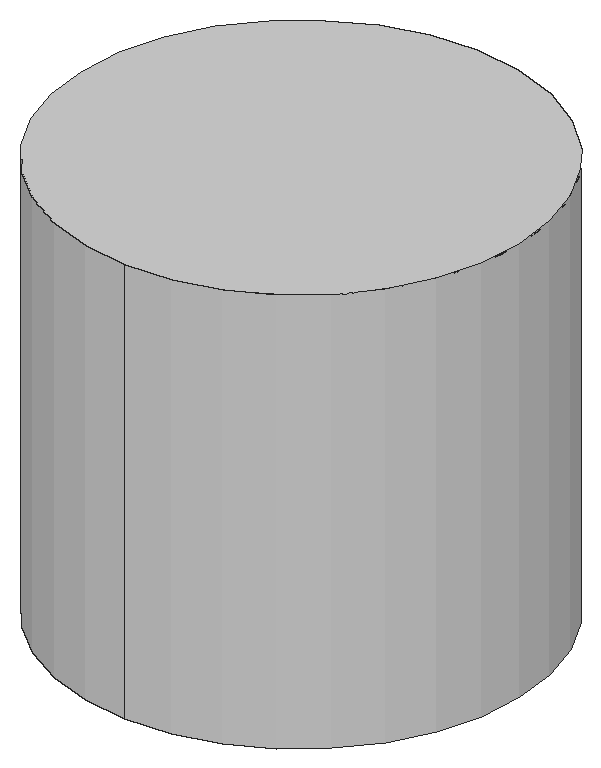
Revit family "Lum_Teto_Spot_Sobrepor", category Lighting Fixtures, host Ceiling, Revit 2025
Family settings
  Host = Ceiling
  Round Connector Dimension = Use Diameter
  Part Type = Normal
  OmniClass Number = 23.80.70.11
  OmniClass Title = Luminaries for Internal Lighting
  Always vertical = Yes
  Cut with Voids When Loaded = No
  Light Source = Yes
  Maintain Annotation Orientation = No
  Shared = No
  Room Calculation Point = No
Parameters (values of type "Luminária_Spot_Sobrepor")
  Wattage = 9.2903 W
  built-in parameter 1150110 = 1 (stored number, unit not read)
  built-in parameter 1114217 = 1 (stored number, unit not read)
  built-in parameter 1150109 = 1 (stored number, unit not read)
  Lumi_Material = CT_Luminaria
  Lumi_Raio_Interno = Lumi_Raio - 10 mm  # 44 mm
  Lumi_Raio = 54 mm
  Lumi_Altura = 100 mm
  Default Elevation = 0 mm
  built-in parameter 1150134 = (empty or 0)
  built-in parameter 1150113 = 1 (stored number, unit not read)
  Lumens = 1380 lm
  built-in parameter 1150115 = 1 (stored number, unit not read)
  built-in parameter 1150105 = 439.27 (stored number, unit not read)
  Light Source Symbol Size = Lumi_Raio_Interno * 2  # 88 mm
  built-in parameter 1150137 = (empty or 0)
  built-in parameter 1150139 = (empty or 0)
  built-in parameter 1150112 = 1 (stored number, unit not read)
  built-in parameter 1150114 = 1 (stored number, unit not read)
  built-in parameter 1150132 = 2
  built-in parameter 1150102 = (empty or 0)
  built-in parameter 1150138 = (empty or 0)
  built-in parameter 1150107 = 3000 (stored number, unit not read)
  built-in parameter 1150106 = 4.3927 (stored number, unit not read)
  built-in parameter 1150104 = 13.8 (stored number, unit not read)
  Dimming Lamp Color Temperature Shift = <None>
  Color Filter = 16777215
  built-in parameter 1114218 = 1 (stored number, unit not read)
  built-in parameter 1150133 = 10 (stored number, unit not read)
Reference planes
  plane 1 "Eixo de origem da luz (F/T)": y = 0
  plane 2: z = 0
  plane 3 "Eixo de origem da luz (E/D)": x = 0
  plane 4 "Forro": z = 4000
  plane 5 "Elevação da origem da luz": z = 3900
Forms (mm)
  Extrusion 1, solid, material "CT_Luminaria" <- "Lumi_Material"
    sketch origin (0, 0, 4000) x (0, 1, 0) y (-1, 0, 0)
      loop
        circle (0, 0) r 54
    from 0 to -100
  Extrusion 2, void
    sketch origin (0, 0, 4000) x (0, 1, 0) y (-1, 0, 0)
      loop
        circle (0, 0) r 44
    from -8.585 to -100
Cuts and joins
  Extrusion 2 cuts Extrusion 1
Dimensions and locks
  equal spacing: host sketch curve, plane 3 "Eixo de origem da luz (E/D)", host sketch curve
  equal spacing: host sketch curve, plane 1 "Eixo de origem da luz (F/T)", host sketch curve
  host sketch curve to host sketch curve = 4000 mm  (x2)
  plane 4 "Forro" to host ceiling = 0 mm
  "Lumi_Altura": plane 5 "Elevação da origem da luz" to plane 4 "Forro"
  "Lumi_Raio": radius of Extrusion 1 sketch curve
  "Lumi_Raio_Interno": radius of Extrusion 2 sketch curve
  aligned and locked: plane 3 "Eixo de origem da luz (E/D)" to imposter light
  aligned and locked: plane 1 "Eixo de origem da luz (F/T)" to imposter light
  aligned and locked: plane 5 "Elevação da origem da luz" to imposter light
  aligned and locked: plane 5 "Elevação da origem da luz" to Extrusion 1
  aligned and locked: Extrusion 2 to imposter light
Automatic sketch dimensions
  plane 1 "Eixo de origem da luz (F/T)" to Extrusion 2 sketch curve = 0 mm
  Extrusion 2 sketch curve to plane 3 "Eixo de origem da luz (E/D)" = 0 mm
  plane 1 "Eixo de origem da luz (F/T)" to Extrusion 1 sketch curve = 0 mm
  Extrusion 1 sketch curve to plane 3 "Eixo de origem da luz (E/D)" = 0 mm
